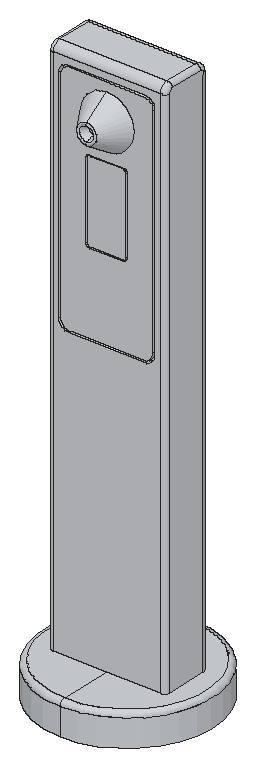
Revit family "Accessory-Touchless-Soap_Dispenser-KOHLER-Composed-K-22848_1", category Specialty Equipment, host Face, Revit 2017
Family settings
  Host = Face
  Round Connector Dimension = Use Diameter
  Part Type = Normal
  OmniClass Number = 23.31.25.29.13
  OmniClass Title = Hand Soap Dispensers
  Cut with Voids When Loaded = No
  Shared = No
  Room Calculation Point = No
Parameters (values of type "CP-Polished Chrome")
  Width = 1 5/8"  # constant formula
  WaterSense Certified = 1 = 0  # no
  Voltage = 0 V
  URL = "https://www.us.kohler.com/us/"
  Type = 1
  Product Page URL = "http://www.us.kohler.com/us/catalog/productDetails.jsp?productId=22848"
  Product Name = "Composed"  # constant formula
  Product Documentation Link = "https://www.us.kohler.com/webassets/kpna/catalog/pdf/en/K-22848_spec_US-CA_Kohler_en.pdf"
  Model = if(Type = 1, "K-22848-CP", if(Type = 2, "K-22848-BN", if(Type = 3, "K-22848-BL", "NA")))  # "K-22848-CP"
  Material = "Cast Brass Construction"  # constant formula
  Master Format 2014 Name = "Toilet, Bath, and Laundry Accessories"  # constant formula
  Master Format 2014 = "10 28 00"  # constant formula
  Manufacturer Address = "444 Highland Dr, Kohler, WI 53044"  # constant formula
  Manufacturer = "KOHLER Co."  # constant formula
  Length = 5 9/16"  # constant formula
  Height = 1 5/8"  # constant formula
  Finish = Kohler-Metal-CP-Polished_Chrome
  Environmental Product Declaration = ""
  Electrical Note = "One Dedicated Circuit Required, Protected With Class A Ground-Fault Circuit-Interrupter (GFCI). Outside North America,\r\nThis Device May Be Known As a Residual Current Device (RCD)."  # constant formula
  Electrical Connector = 1 = 1  # yes
  Description = "Wall Mount Foam Soap Dispenser-AC"  # constant formula
  Default Elevation = 42"
  Declare Label = ""
  Date Modified = "08/17/2020"  # constant formula
  Date Created = "08/17/2020"  # constant formula
  Copyright = "Copyright KOHLER Co."  # constant formula
  Contact Us = "https://www.us.kohler.com/us/static/contact.jsp"
  Assembly Code = "C1030200"
  Apparent Load = 0 VA
  ADA Compliant = 1 = 0  # no
Types (4): name | Type | Model | Finish
  (no name) | 1 | "K-22848-CP" | Kohler-Metal-CP-Polished_Chrome
  CP-Polished Chrome | 1 | "K-22848-CP" | Kohler-Metal-CP-Polished_Chrome
  BN-Vibrant Brushed Nickel | 2 | "K-22848-BN" | Kohler-Metal-BN-Vibrant_Brushed_Nickel
  BL-Matte Black | 3 | "K-22848-BL" | Kohler-Metal-BL-Matte_Black
Reference planes (in)
  plane 1 "Center (Front/Back)": y = 0
  plane 2: z = 0
  plane 3 "Center (Left/Right)": x = 0
  plane 4: x = -0.8125
  plane 5: x = 0.8125
  plane 6: x = -0.5625
  plane 7: x = 0.5625
  plane 8: y = 0.8125
  plane 9: y = -0.8125
  plane 10: y = 0.25
  plane 11: y = -0.25
  plane 12: y = -0.5
  plane 13: z = 5.5625
  plane 14: z = 5.0625
  plane 15: z = 0.3125
Dimensions and locks (in)
  "Width": plane 4 to plane 5
  "Height": plane 8 to plane 9
  locked: plane 11 to plane 10 at 0.5
  locked: plane 6 to plane 7 at 1.125
  "Length": plane 13 to level
  locked: level to plane 14 at 5.0625
  level to plane 15 = 5/16"
  locked: plane 10 to plane 12 at 0.75
  aligned and locked: plane 2 to host face
  aligned and locked: level to host face
  aligned and locked: plane 3 "Center (Left/Right)" to nested 1
  aligned and locked: plane 1 "Center (Front/Back)" to nested 1
Automatic sketch dimensions
  host sketch curve to host sketch curve = 96"  (x2)
Nested families (in)
  nested 1: "K-22848" at (0, 0, 0), type "K-22848"
Connectors (in)
  electrical at (0, 0, 0), driven by "Apparent Load", driven by "Electrical Connector", driven by "Electrical Note", driven by "Voltage"
    settings: on nested 1, index 1, voltage 0 V, apparent load 0 VA, apparent load phase1 0 VA, apparent load phase2 0 VA, apparent load phase3 0 VA, power factor 1, load classification "Power", number of poles 1, system type 30, power factor state 1, is connector primary yes, connector utility yes, sub classification motor no, connector description "One Dedicated Circuit Required, Protected With Class A Ground-Fault Circuit-Interrupter (GFCI). Outside North America,\r\nThis Device May Be Known As a Residual Current Device (RCD)."
Definition of nested family "K-22848"
  Parameters (values of type "K-22848")
    Material = none
  Reference planes (in)
    plane 1 "Center (Front/Back)": y = 0
    plane 2: z = 0
    plane 3 "Center (Left/Right)": x = 0
    plane 4: x = -0.8125
    plane 5: x = 0.8125
    plane 6: y = 0.8125
    plane 7: y = -0.8125
    plane 8: x = -0.5625
    plane 9: x = 0.5625
    plane 10: y = 0.25
    plane 11: y = -0.25
    plane 12: y = -0.5
    plane 13: z = 5.5625
    plane 14: z = 5.0625
    plane 15: z = 0.3125
  Forms (in)
    Revolve 1, solid, material <- "Material", detail levels medium+fine
      sketch origin (0, 0, 0) x (0, 1, 0) y (0, 0, 1)
        loop
          line (0, 0.3125) -> (0, 0) -> (0.8125, 0) -> (0.8125, 0.26314)
          arc (0.8125, 0.26314) -> (0.79804, 0.29804) -> (0.76314, 0.3125) r 0.04936
          line (0.76314, 0.3125) -> (0, 0.3125)
        axis (0, 0.3125) -> (0, 0)
      angle from 0 to 360
    Sweep 2, solid, material <- "Material", detail levels medium+fine
      path origin (0, 0, 0) x (0, 1, 0) y (0, 0, 1)
        loop
          line (0.25, 0.15589) -> (0.25, 5.48437)
          arc (0.25, 5.48437) -> (0.22712, 5.53962) -> (0.17187, 5.5625) r 0.07813
          line (0.17187, 5.5625) -> (-0.17188, 5.5625)
          arc (-0.17188, 5.5625) -> (-0.22712, 5.53962) -> (-0.25, 5.48437) r 0.07813
          line (-0.25, 5.48437) -> (-0.25, 0.15589)
      profile origin (0, 0, 5.5625) x (0, 0, -1) y (1, 0, 0)
        loop
          line (0, 0.51513) -> (0, -0.51513)
          arc (0, -0.51513) -> (0.01387, -0.54863) -> (0.04737, -0.5625) r 0.04737
          line (0.04737, -0.5625) -> (0.07809, -0.5625) -> (0.07809, 0.5625) -> (0.04737, 0.5625)
          arc (0.04737, 0.5625) -> (0.01387, 0.54863) -> (0, 0.51513) r 0.04737
    Extrusion 3, solid, material <- "Material", detail levels medium+fine
      sketch origin (0, 0, 0) x (0, 1, 0) y (0, 0, 1)
        loop
          line (-0.17191, 5.48441) -> (-0.17191, 0.15589) -> (0.17191, 0.15589) -> (0.17191, 5.48441) -> (-0.17191, 5.48441)
      from -0.5625 to 0.5625
    Revolve 4, solid, material <- "Material", detail levels medium+fine
      sketch origin (0, 0, 0) x (0, 1, 0) y (0, 0, 1)
        loop
          line (-0.22047, 5.0625) -> (-0.22047, 5.33963) -> (-0.49329, 5.15899)
          arc (-0.49329, 5.15899) -> (-0.49997, 5.14581) -> (-0.49203, 5.13334) r 0.01493
          arc (-0.49203, 5.13334) -> (-0.4507, 5.11757) -> (-0.40679, 5.1122) r 0.18245
          line (-0.40679, 5.1122) -> (-0.35118, 5.1122) -> (-0.35118, 5.0625) -> (-0.22047, 5.0625)
        axis (-0.22047, 5.0625) -> (-0.49329, 5.0625)
      angle from 0 to 360
    Extrusion 5, void
      sketch origin (0, 0, 0) x (1, 0, 0) y (0, 0, 1)
        loop
          line (0.36885, 5.4252) -> (-0.36705, 5.4252)
          arc (-0.36705, 5.4252) -> (-0.43461, 5.39721) -> (-0.4626, 5.32965) r 0.09555
          line (-0.4626, 5.32965) -> (-0.4626, 3.20399)
          arc (-0.4626, 3.20399) -> (-0.43514, 3.13769) -> (-0.36885, 3.11024) r 0.09375
          line (-0.36885, 3.11024) -> (0.3681, 3.11024)
          arc (0.3681, 3.11024) -> (0.43492, 3.13791) -> (0.4626, 3.20473) r 0.0945
          line (0.4626, 3.20473) -> (0.4626, 5.33145)
          arc (0.4626, 5.33145) -> (0.43514, 5.39774) -> (0.36885, 5.4252) r 0.09375
        loop
          line (0.35307, 5.40551) -> (-0.35345, 5.40551)
          arc (-0.35345, 5.40551) -> (-0.41671, 5.37931) -> (-0.44291, 5.31605) r 0.08947
          line (-0.44291, 5.31605) -> (-0.44291, 3.21977)
          arc (-0.44291, 3.21977) -> (-0.4166, 3.15624) -> (-0.35307, 3.12992) r 0.08984
          line (-0.35307, 3.12992) -> (0.35205, 3.12992)
          arc (0.35205, 3.12992) -> (0.4163, 3.15653) -> (0.44291, 3.22078) r 0.09086
          line (0.44291, 3.22078) -> (0.44291, 5.31567)
          arc (0.44291, 5.31567) -> (0.4166, 5.3792) -> (0.35307, 5.40551) r 0.08984
      from 0.20199 to 0.35118
    Extrusion 6, void
      sketch origin (0, 0, 0) x (1, 0, 0) y (0, 0, 1)
        loop
          line (0.16172, 4.72441) -> (-0.16172, 4.72441)
          arc (-0.16172, 4.72441) -> (-0.18935, 4.71297) -> (-0.20079, 4.68535) r 0.03906
          line (-0.20079, 4.68535) -> (-0.20079, 3.94851)
          arc (-0.20079, 3.94851) -> (-0.18935, 3.92089) -> (-0.16172, 3.90945) r 0.03906
          line (-0.16172, 3.90945) -> (0.16177, 3.90945)
          arc (0.16177, 3.90945) -> (0.18936, 3.92088) -> (0.20079, 3.94846) r 0.03901
          line (0.20079, 3.94846) -> (0.20079, 4.68535)
          arc (0.20079, 4.68535) -> (0.18935, 4.71297) -> (0.16172, 4.72441) r 0.03906
        loop
          line (0.1578, 4.70876) -> (-0.15806, 4.70876)
          arc (-0.15806, 4.70876) -> (-0.17721, 4.70083) -> (-0.18514, 4.68169) r 0.02708
          line (-0.18514, 4.68169) -> (-0.18514, 3.95244)
          arc (-0.18514, 3.95244) -> (-0.17713, 3.9331) -> (-0.1578, 3.92509) r 0.02734
          line (-0.1578, 3.92509) -> (0.1578, 3.92509)
          arc (0.1578, 3.92509) -> (0.17713, 3.9331) -> (0.18514, 3.95244) r 0.02734
          line (0.18514, 3.95244) -> (0.18514, 4.68142)
          arc (0.18514, 4.68142) -> (0.17713, 4.70076) -> (0.1578, 4.70876) r 0.02734
      from 0.20263 to 0.27392
    Extrusion 7, solid, material <- "Material", detail levels coarse
      sketch origin (0, 0, 0) x (1, 0, 0) y (0, 1, 0)
        loop
          arc (0, 0.8125) -> (-0.57452, 0.57452) -> (-0.8125, 0) r 0.8125
          arc (-0.8125, 0) -> (-0.57452, -0.57452) -> (0, -0.8125) r 0.8125
          arc (0, -0.8125) -> (0.57452, -0.57452) -> (0.8125, 0) r 0.8125
          arc (0.8125, 0) -> (0.57452, 0.57452) -> (0, 0.8125) r 0.8125
      from 0 to 0.3125
    Extrusion 8, solid, material <- "Material", detail levels coarse
      sketch origin (0, 0, 0) x (1, 0, 0) y (0, 1, 0)
        loop
          line (-0.5625, 0.25) -> (-0.5625, -0.25) -> (0.5625, -0.25) -> (0.5625, 0.25) -> (-0.5625, 0.25)
      from 0.3125 to 5.5625
    Revolve 9, solid, material <- "Material", detail levels coarse
      sketch origin (0, 0, 0) x (0, 1, 0) y (0, 0, 1)
        loop
          line (-0.25, 5.0625) -> (-0.25, 5.32009) -> (-0.5, 5.15478) -> (-0.5, 5.0625) -> (-0.25, 5.0625)
        axis (-0.25, 5.0625) -> (-0.5, 5.0625)
      angle from 0 to 360
    Extrusion 10, solid, material <- "Material", detail levels medium+fine
      sketch origin (0, 0, 0) x (1, 0, 0) y (0, 1, 0)
        loop
          circle (0, 0) r 0.0387
      from 0 to 0.10461
  Cuts and joins
    joined: Extrusion 7, Extrusion 8, Revolve 9
    Extrusion 5, Extrusion 6 cuts Sweep 2
    joined: Revolve 1, Sweep 2, Extrusion 3, Revolve 4
  Lines and regions (in)
    Masking region 1
      outline origin (0, 0, 0) x (0, 1, 0) y (0, 0, 1)
        loop
          line (0.25, 0.3125) -> (0.25, 5.51217)
          arc (0.25, 5.51217) -> (0.23526, 5.54776) -> (0.19967, 5.5625) r 0.05033
          line (0.19967, 5.5625) -> (-0.19967, 5.5625)
          arc (-0.19967, 5.5625) -> (-0.23526, 5.54776) -> (-0.25, 5.51217) r 0.05033
          line (-0.25, 5.51217) -> (-0.25, 5.32009) -> (-0.48476, 5.16486)
          arc (-0.48476, 5.16486) -> (-0.49595, 5.15261) -> (-0.5, 5.13652) r 0.03398
          line (-0.5, 5.13652) -> (-0.5, 4.98848)
          arc (-0.5, 4.98848) -> (-0.49595, 4.97239) -> (-0.48476, 4.96014) r 0.03398
          line (-0.48476, 4.96014) -> (-0.25, 4.80491) -> (-0.25, 0.3125) -> (-0.76441, 0.3125)
          arc (-0.76441, 0.3125) -> (-0.79841, 0.29841) -> (-0.8125, 0.26441) r 0.04809
          line (-0.8125, 0.26441) -> (-0.8125, 0) -> (0.8125, 0) -> (0.8125, 0.26441)
          arc (0.8125, 0.26441) -> (0.79841, 0.29841) -> (0.76441, 0.3125) r 0.04809
          line (0.76441, 0.3125) -> (0.25, 0.3125)
    Masking region 2
      outline origin (0, 0, 0) x (1, 0, 0) y (0, 0, 1)
        loop
          line (0.8125, 0) -> (0.8125, 0.26138)
          arc (0.8125, 0.26138) -> (0.79753, 0.29753) -> (0.76138, 0.3125) r 0.05112
          line (0.76138, 0.3125) -> (0.5625, 0.3125) -> (0.5625, 5.53656)
          arc (0.5625, 5.53656) -> (0.5549, 5.5549) -> (0.53656, 5.5625) r 0.02594
          line (0.53656, 5.5625) -> (-0.53656, 5.5625)
          arc (-0.53656, 5.5625) -> (-0.5549, 5.5549) -> (-0.5625, 5.53656) r 0.02594
          line (-0.5625, 5.53656) -> (-0.5625, 0.3125) -> (-0.76138, 0.3125)
          arc (-0.76138, 0.3125) -> (-0.79753, 0.29753) -> (-0.8125, 0.26138) r 0.05112
          line (-0.8125, 0.26138) -> (-0.8125, 0) -> (0.8125, 0)
    Masking region 3
      outline origin (0, 0, 0) x (1, 0, 0) y (0, 1, 0)
        loop
          arc (-0.8125, 0) -> (-0.57452, -0.57452) -> (0, -0.8125) r 0.8125
          arc (0, -0.8125) -> (0.57452, -0.57452) -> (0.8125, 0) r 0.8125
          arc (0.8125, 0) -> (0.57452, 0.57452) -> (0, 0.8125) r 0.8125
          arc (0, 0.8125) -> (-0.57452, 0.57452) -> (-0.8125, 0) r 0.8125
    symbolic lines, detail levels medium+fine
      curve 1: line (0, 0.25, 0.3125) -> (0, -0.25, 0.3125)
      curve 2: line (0, -0.25, 4.80491) -> (0, -0.25, 5.31567)
      curve 3: line (0.5625, 0, 0.3125) -> (-0.5625, 0, 0.3125)
      curve 4: line (-0.51599, 0.25, 0) -> (0.51376, 0.25, 0)
      curve 5: line (-0.5625, 0.20349, 0) -> (-0.5625, -0.20218, 0)
      curve 6: line (0.5625, 0.20126, 0) -> (0.5625, -0.20313, 0)
      curve 7: line (-0.51468, -0.25, 0) -> (-0.25757, -0.25, 0)
      curve 8: line (-0.07724, -0.5, 0) -> (0.07724, -0.5, 0)
      curve 9: arc (-0.51599, 0.25, 0) -> (-0.54888, 0.23638, 0) -> (-0.5625, 0.20349, 0) r 0.04651
      curve 10: arc (0.51376, 0.25, 0) -> (0.54822, 0.23572, 0) -> (0.5625, 0.20126, 0) r 0.04874
      curve 11: arc (0.51563, -0.25, 0) -> (0.54877, -0.23627, 0) -> (0.5625, -0.20313, 0) r 0.04688
      curve 12: arc (-0.5625, -0.20218, 0) -> (-0.54849, -0.23599, 0) -> (-0.51468, -0.25, 0) r 0.04782
      curve 13: line (-0.25757, -0.25, 0) -> (-0.09999, -0.48778, 0)
      curve 14: arc (-0.09999, -0.48778, 0) -> (-0.09016, -0.49675, 0) -> (-0.07724, -0.5, 0) r 0.02729
      curve 15: line (0.25757, -0.25, 0) -> (0.09999, -0.48778, 0)
      curve 16: arc (0.09999, -0.48778, 0) -> (0.09016, -0.49675, 0) -> (0.07724, -0.5, 0) r 0.02729
      curve 17: line (0.25757, -0.25, 0) -> (0.51563, -0.25, 0)
      curve 18: line (-0.25757, -0.25, 0) -> (0.25757, -0.25, 0)
  Dimensions and locks (in)
    plane 4 to plane 5 = 1 5/8"
    locked: plane 8 to plane 9 at 1.125
    locked: plane 11 to plane 10 at 0.5
    plane 10 to plane 12 = 3/4"
    plane 13 to level = 5 9/16"
    plane 14 to level = 5 1/16"
    plane 15 to level = 5/16"
    aligned and locked: plane 2 to level
    aligned and locked: plane 12 to Revolve 9 sketch curve
